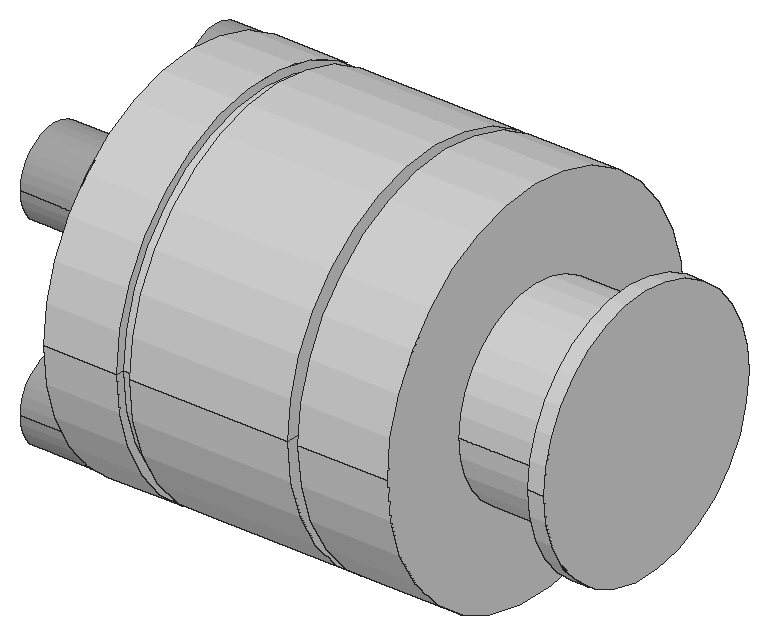
Revit family "Pipe_Fittings-OmegaFlex-DoubleTrac-Straight_Fitting-Quick_Connection", category Pipe Fittings, Revit 2026
Family settings
  Round Connector Dimension = Use Radius
  Part Type = Cap
  Classification Number = 23.60.30.11.14
  Work Plane-Based = No
  Always vertical = Yes
  Cut with Voids When Loaded = No
  Shared = No
Parameters (values of type "Standard")
  URL = "https://www.omegaflex.com/"
  Tick Size [instance] = Fitting Outside Diameter * 0.4  # 1.15"
  Part Number [instance] = size_lookup(Lookup Table Name, "PN", "0", Nominal Diameter)  # "UGF-SSFST-16SF"
  Part Description [instance] = size_lookup(Lookup Table Name, "PD", "0", Nominal Diameter)  # "Straight Fitting Quick Connection  - 1\" - SS"
  Nominal Radius [instance] = 1/2"
  Nominal Diameter [instance] = Nominal Radius * 2  # 1"
  Model = "DoubleTrac"
  Manufacturer = "OmegaFlex"  # constant formula
  Loss Method = K Coefficient from Table
  Lookup Table Name = "Pipe_Fittings-OmegaFlex-DoubleTrac-Straight_Fitting-Quick_Connection"
  Length [instance] = size_lookup(Lookup Table Name, "CL", 0", Nominal Diameter)  # 3.535"
  K Coefficient Table = "Reducer/Coupling/Union/Increaser"
  Groove Offset [instance] = size_lookup(Lookup Table Name, "GO", 0.000", Nominal Diameter)  # 0.570"
  Groove Depth [instance] = Fitting Outside Radius - 0.060"  # 1.3775"
  Flange Connection Diameter [instance] = size_lookup(Lookup Table Name, "FCD", 0.000", Nominal Diameter)  # 1.988"
  Flange Body Thickness [instance] = size_lookup(Lookup Table Name, "FBT", 0.000", Nominal Diameter)  # 1.900"
  Flange Adaptor Width [instance] = size_lookup(Lookup Table Name, "FAW", 0.000", Nominal Diameter)  # 2.500"
  Flange Adaptor Diameter [instance] = size_lookup(Lookup Table Name, "FAD", 0.000", Nominal Diameter)  # 1.500"
  Flange Adaptor Body Thickness [instance] = size_lookup(Lookup Table Name, "FAT", 0.000", Nominal Diameter)  # 2.680"
  Fitting Outside Radius [instance] = Fitting Outside Diameter / 2  # 1 7/16"
  Fitting Outside Diameter [instance] = size_lookup(Lookup Table Name, "FOD", 0", Nominal Diameter)  # 2 7/8"
  Description = "See Part Description"
  Default Elevation = 0.000"
Reference planes (in)
  plane 1 "Center (Front/Back)": y = 0
  plane 2: z = 0
  plane 3 "Center (Left/Right)": x = 0
  plane 4: x = -1.7675
  plane 5: x = 1.7675
  plane 6: y = 1.15
  plane 7: y = -1.15
  plane 8: x = -1.1975
  plane 9: x = 0.1325
  plane 10: x = 0.2125
  plane 11: x = 0.9065
  plane 12: x = 1.6425
Forms (in)
  Extrusion 1, solid, material "Stainless Steel - OmegaFlex", detail levels fine
    sketch origin (0, 0, 0) x (0, 1, 0) y (0, 0, 1)
      loop
        circle (0, 0) r 1.4375
    from -1.7675 to 0.9065
  Revolve 2, void
    sketch origin (0, 0, 0) x (1, 0, 0) y (0, 1, 0)
      loop
        line (-1.1975, 1.5025) -> (-1.1975, 1.3775) -> (-1.0975, 1.3775) -> (-1.0975, 1.5025) -> (-1.1975, 1.5025)
      loop
        line (0.1325, 1.4375) -> (0.1325, 1.1175) -> (0.2125, 1.1175) -> (0.2125, 1.4375) -> (0.1325, 1.4375)
      axis (0.2125, 0) -> (-1.1975, 0)
    angle from 0 to 360
  Extrusion 3, solid, material "Stainless Steel - OmegaFlex", detail levels fine
    sketch origin (1.7675, 60, 48) x (0, 1, 0) y (0, 0, -1)
      loop
        circle (-60, 48) r 0.75
    from 0.125 to 0.861
  Extrusion 4, solid, material "Stainless Steel - OmegaFlex", detail levels fine
    sketch origin (1.7675, 60, 48) x (0, 1, 0) y (0, 0, -1)
      loop
        circle (-60, 48) r 0.994
    from 0 to 0.125
Cuts and joins
  Revolve 2 cuts Extrusion 1
Lines and regions (in)
  model lines, detail levels coarse+medium
    curve 1: line (-1.7675, 0, 0) -> (1.7675, 0, 0)
    curve 2: line (-1.7675, 1.15, 0) -> (-1.7675, -1.15, 0)
    curve 3: line (1.7675, 1.15, 0) -> (1.7675, -1.15, 0)
Dimensions and locks (in)
  equal spacing: plane 4, plane 3 "Center (Left/Right)", plane 5
  "Length": plane 4 to plane 5
  "Tick Size": plane 6 to plane 1 "Center (Front/Back)"
  "Tick Size": plane 7 to plane 1 "Center (Front/Back)"
  "Groove Offset": plane 4 to plane 8
  locked: plane 8 to Revolve 2 sketch curve at 0.1
  locked: Revolve 2 sketch curve to Revolve 2 sketch curve at 0.125
  "Groove Depth": plane 1 "Center (Front/Back)" to Revolve 2 sketch curve
  locked: plane 9 to plane 10 at 0.08
  plane 4 to plane 11 = 2.674"
  "Flange Body Thickness": plane 4 to plane 9
  "Fitting Outside Radius": plane 1 "Center (Front/Back)" to Revolve 2 sketch curve
  locked: Revolve 2 sketch curve to Revolve 2 sketch curve at 0.32
  locked: plane 12 to plane 5 at 0.125
  "Fitting Outside Radius": radius of Extrusion 1 sketch curve
  "Flange Adaptor Diameter": diameter of Extrusion 3 sketch curve
  "Flange Connection Diameter": diameter of Extrusion 4 sketch curve
  aligned and locked: plane 2 to Extrusion 1 sketch curve
  aligned and locked: plane 1 "Center (Front/Back)" to Extrusion 1 sketch curve
  aligned and locked: Extrusion 1 to plane 4
  aligned and locked: plane 6 to curve 2
  aligned and locked: plane 7 to curve 2
  aligned and locked: curve 2 to plane 4
  aligned and locked: plane 6 to curve 3
  aligned and locked: plane 7 to curve 3
  aligned and locked: plane 5 to curve 3
  aligned and locked: plane 4 to curve 1
  aligned and locked: plane 5 to curve 1
  aligned and locked: plane 1 "Center (Front/Back)" to curve 1
  aligned and locked: Revolve 2 sketch curve to plane 1 "Center (Front/Back)"
  aligned and locked: Revolve 2 sketch curve to plane 8
  aligned and locked: nested 1 to plane 1 "Center (Front/Back)"
  aligned and locked: nested 1 to plane 2
  aligned and locked: plane 2 to Extrusion 3 sketch curve
  aligned and locked: plane 1 "Center (Front/Back)" to Extrusion 3 sketch curve
  aligned and locked: Extrusion 3 to plane 11
  aligned and locked: plane 9 to Revolve 2 sketch curve
  aligned and locked: Revolve 2 sketch curve to plane 10
  aligned and locked: plane 11 to Extrusion 1
  aligned and locked: plane 12 to Extrusion 3
  aligned and locked: plane 1 "Center (Front/Back)" to Extrusion 4 sketch curve
  aligned and locked: plane 2 to Extrusion 4 sketch curve
  aligned and locked: Extrusion 4 to plane 5
  aligned and locked: Extrusion 4 to plane 12
Automatic sketch dimensions
  Revolve 2 sketch curve to plane 4 = 57.020"
  Revolve 2 sketch curve to plane 5 = 57.020"
Nested families (in)
  nested 1: "Pipe_Fittings-OmegaFlex-DoubleTrac-Cap_Screws" at (-1.7675, 0, 0) x (0, 1, 0) z (-1, 0, 0), Fitting Outside Diameter <- "Fitting Outside Diameter", type "Cap Screws", detail levels fine
    with Fitting Outside Diameter 2.875", Cap Screw Height 0.440", Cap Screw Diameter 0.660", Cap Screw Center Diameter 2.215", Cap Screw Center 1.1075"
Connectors (in)
  piping at (-1.7675, 0, 0), diameter 1, driven by "Nominal Radius"
    settings: on Extrusion 1, index 1, connector inside diameter 1", connector length 0.000", flow factor 0, pipe flow 0 GPM, pressure drop 0.00 psi, fitting loss kfactor 0, connector angle 0.00°, fixture units 0, engagement length 0.000", angle of deflection 0.00°, flow configuration 0, flow direction 0, fitting loss method 0, system type 28, joint type 0, gender type 0, connector reference index 2, connector utility 0, adjustable connector no, is connector primary yes, connector description ""
  piping at (0.9065, 0, 0), diameter 1, driven by "Nominal Radius"
    settings: on cut or joined group of Extrusion 1, Revolve 2, index 2, connector inside diameter 24", connector length 0.000", flow factor 0, pipe flow 0 GPM, pressure drop 0.00 psi, fitting loss kfactor 0, connector angle 0.00°, fixture units 0, engagement length 0.000", angle of deflection 0.00°, flow configuration 0, flow direction 0, fitting loss method 0, system type 28, joint type 0, gender type 0, connector reference index 1, connector utility 0, adjustable connector no, is connector primary no, connector description ""
Definition of nested family "Pipe_Fittings-OmegaFlex-DoubleTrac-Cap_Screws"
  Parameters (values of type "Cap Screws")
    Fitting Outside Diameter [instance] = 2.880"
    Default Elevation = 48.000"
    Cap Screw Material = none
    Cap Screw Height [instance] = if(Fitting Outside Diameter = 2.880", 0.310", 0.440")  # 0.310"
    Cap Screw Diameter [instance] = if(Fitting Outside Diameter = 2.880", 0.470", 0.660")  # 0.470"
    Cap Screw Center Diameter [instance] = Fitting Outside Diameter - Cap Screw Diameter  # 2.410"
    Cap Screw Center [instance] = (Fitting Outside Diameter / 2) - (Cap Screw Diameter / 2)  # 1.205"
  Reference planes (in)
    plane 1 "Center (Front/Back)": y = 0
    plane 2: z = 0
    plane 3 "Center (Left/Right)": x = 0
    plane 4: z = 0.31
  Forms (in)
    Extrusion 1, solid, material <- "Cap Screw Material"
      sketch origin (0, 0, 0) x (1, 0, 0) y (0, 1, 0)
        loop
          circle (-0.85206, -0.85206) r 0.235
        loop
          circle (-0.85206, 0.85206) r 0.235
        loop
          circle (0.85206, 0.85206) r 0.235
        loop
          circle (0.85206, -0.85206) r 0.235
      from 0 to 0.31
  Lines and regions (in)
    reference lines
      curve 1: circle (0, 0, 0) r 1.44 normal (0, 0, 1)
      curve 2: circle (0, 0, 0) r 1.205 normal (0, 0, 1)
      curve 3: line (0, 0, 0) -> (1.01823, 1.01823, 0)
      curve 4: line (0, 0, 0) -> (-1.01823, 1.01823, 0)
      curve 5: line (0, 0, 0) -> (-1.01823, -1.01823, 0)
      curve 6: line (0, 0, 0) -> (1.01823, -1.01823, 0)
  Dimensions and locks (in)
    "Cap Screw Center": curve 6 to Extrusion 1 sketch curve
    "Cap Screw Center": Extrusion 1 sketch curve to curve 6  (x3)
    "Cap Screw Height": plane 4 to plane 2
    "Fitting Outside Diameter": diameter of curve 1
    "Cap Screw Center Diameter": diameter of curve 2
    "Cap Screw Diameter": diameter of Extrusion 1 sketch curve  (x4)
    locked: curve 3 to plane 3 "Center (Left/Right)" (angle 45.00°)
    locked: plane 3 "Center (Left/Right)" to curve 4 (angle 45.00°)
    locked: plane 1 "Center (Front/Back)" to curve 5 (angle 45.00°)
    locked: curve 6 to plane 1 "Center (Front/Back)" (angle 45.00°)
    aligned and locked: plane 2 to level
    aligned and locked: plane 1 "Center (Front/Back)" to curve 4
    aligned and locked: plane 3 "Center (Left/Right)" to curve 6
    aligned and locked: curve 5 to Extrusion 1 sketch curve
    aligned and locked: curve 6 to Extrusion 1 sketch curve
    aligned and locked: curve 3 to Extrusion 1 sketch curve
    aligned and locked: curve 4 to Extrusion 1 sketch curve
    aligned and locked: plane 4 to Extrusion 1
  Automatic sketch dimensions
    curve 1 to curve 2 = 0.000"  (x2)
    plane 1 "Center (Front/Back)" to curve 1 = 0.000"
    curve 1 to plane 3 "Center (Left/Right)" = 0.000"
